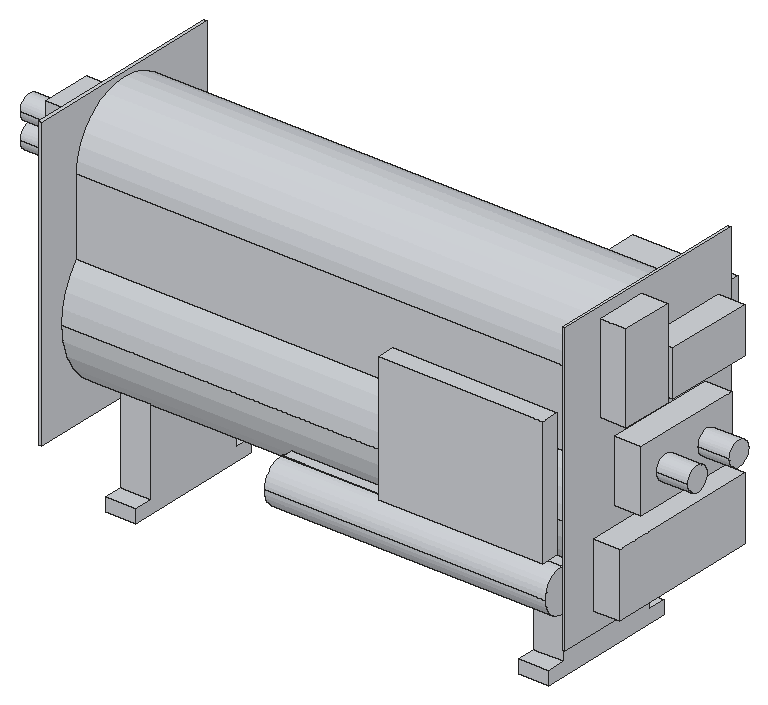
Revit family "M_Resfriador de absorção - Fase única - 1758-2813 kW", category Equipamento mecânico, Revit 2019
Family settings
  Cota do conector redondo = Usar raio
  Tipo de parte = Normal
  Número OmniClass = 23.75.10.24.21.21.11
  Título OmniClass = Absorption Water Chillers
  ID de item do Seek = Absorption Chiller - Single-Stage - 1758-2813 kW-0000-CAN-ENU
  Com base no plano de trabalho = Não
  Sempre na vertical = Sim
  Corte com vazios quando carregada = Não
  Compartilhado = Não
  Ponto de cálculo do ambiente = Não
Parameters (values of type "1758 kW")
  Voltagem = 480 V
  Número de pólos = 3
  Classificação de carga = Refrigeração
  Comprimento 3 = 4320 mm
  Comprimento 2 = 2460 mm
  Comprimento 1 = 492 mm
  Raio da água resfriada = Diâmetro da água resfriada / 2  # 100 mm
  Diâmetro da água resfriada = 200 mm
  Fluxo do evaporador [instance] = 86.2 L/s
  Queda de pressão da água da refrigeração [instance] = 79400.0 Pa
  Raio da água da refrigeração = Diâmetro da água da refrigeração / 2  # 100 mm
  Diâmetro da água da refrigeração = 200 mm
  Fluxo do condensador [instance] = 114.0 L/s
  Material do resfriador = none
  Comprimento do resfriador = 5430 mm
  Queda de pressão da água resfriada [instance] = 59500.0 Pa
  Carga aparente = 9700 VA
  Raio da fonte de energia = Diâmetro da fonte de energia / 2  # 100 mm
  Queda de pressão da fonte de energia [instance] = 79400.0 Pa
  Diâmetro da fonte de energia = 200 mm
  Fluxo da fonte de energia [instance] = 114.0 L/s
Types (5, lengths in mm): name | Comprimento 3 | Comprimento 2 | Comprimento 1 | Fluxo do evaporador | Queda de pressão da água da refrigeração | Fluxo do condensador | Comprimento do resfriador | Queda de pressão da água resfriada | Carga aparente | Queda de pressão da fonte de energia | Fluxo da fonte de energia
  (no name) | 4320 | 2460 | 492 | 86.2 L/s | 79400.0 Pa | 114.0 L/s | 5430 | 59500.0 Pa | 9700 VA | 79400.0 Pa | 114.0 L/s
  1758 kW | 4320 | 2460 | 492 | 86.2 L/s | 79400.0 Pa | 114.0 L/s | 5430 | 59500.0 Pa | 9700 VA | 79400.0 Pa | 114.0 L/s
  2813 kW | 6760 | 5134 | 530 | 130.0 L/s | 48100.0 Pa | 182.0 L/s | 7905 | 94500.0 Pa | 13000 VA | 48100.0 Pa | 182.0 L/s
  2110 kW | 5134 | 3273 | 530 | 101.0 L/s | 77100.0 Pa | 136.0 L/s | 6280 | 87500.0 Pa | 9700 VA | 77100.0 Pa | 136.0 L/s
  2461 kW | 5947 | 4245 | 530 | 111.0 L/s | 35400.0 Pa | 159.0 L/s | 7093 | 64600.0 Pa | 13000 VA | 35400.0 Pa | 159.0 L/s
Reference planes
  plane 1 "Centro (Frente/Trás)": y = 0
  plane 2: z = 0
  plane 3 "Centro (Esquerda/Direita)": x = 0
  plane 4: z = 495.3
  plane 5: z = 2919.413
  plane 6: y = -260.35
  plane 7: y = 1466.85
  plane 8: x = 346.075
  plane 9: x = 327.025
  plane 10: z = 1317.625
  plane 11: y = 1206.5
  plane 12: y = 603.25
  plane 13: x = -4591.925
  plane 14: x = 838.075
  plane 15: x = -4061.7
  plane 16: x = -4033.125
  plane 17: y = 155.575
  plane 18: z = 114.3
  plane 19: y = 1050.925
  plane 20: x = -250.825
  plane 21: x = -3706.1
  plane 22: x = -3455.275
  plane 23: y = 92.075
  plane 24: y = 1114.425
  plane 25: z = 2376.488
  plane 26: z = 674.688
  plane 27: z = 1211.263
  plane 28: z = 1622.425
  plane 29: y = 508
  plane 30: y = 939.8
  plane 31: y = 723.9
  plane 32: y = 252.412
  plane 33: y = 1195.387
  plane 34: z = 1881.188
  plane 35: z = 1363.663
  plane 36: x = 571.375
  plane 37: x = -4287.125
  plane 38: y = 312.737
  plane 39: y = 96.837
  plane 40: y = 528.637
  plane 41: z = 2832.1
  plane 42: z = 2090.738
  plane 43: y = 587.375
  plane 44: y = 1331.912
  plane 45: z = 2473.325
  plane 46: y = 25.4
  plane 47: y = 1336.675
  plane 48: z = 2235.2
  plane 49: z = 2592.387
  plane 50: y = 622.3
  plane 51: y = 812.8
  plane 52: z = 820.737
  plane 53: z = 1063.625
  plane 54: x = -4433.175
  plane 55: z = 1143
  plane 56: z = 2209.8
  plane 57: x = 222.25
  plane 58: x = -1149.35
  plane 59: y = -344.487
  plane 60: y = -190.5
  plane 61: x = -339.725
  plane 62: z = 1155.7
  plane 63: z = 2027.237
  plane 64: z = 2425.7
  plane 65: x = -631.825
  plane 66: x = 247.65
  plane 67: y = 1666.875
  plane 68: z = 2273.3
  plane 69: z = 2066.925
  plane 70: x = -3973.925
  plane 71: x = -3319.875
  plane 72: y = 1403.35
  plane 73: z = 25.4
  plane 74: z = 787.4
  plane 75: x = -2460
  plane 76: x = -1994.862
  plane 77: y = 1336.675
  plane 78: y = -60.325
  plane 79: z = 622.3
  plane 80: z = 800.1
  plane 81: x = 161.925
  plane 82: x = -2189.162
  plane 83: z = 977.9
  plane 84: x = -2176.462
  plane 85: x = 149.225
  plane 86: y = 1544.637
  plane 87: x = -522.287
  plane 88: x = -3646.9
  plane 89: z = 711.2
  plane 90: z = 838.2
  plane 91: x = -3519.9
  plane 92: x = -649.287
  plane 93: z = 2170.112
  plane 94: z = 2043.112
  plane 95: y = 1417.637
  plane 96: x = -463.55
  plane 97: z = 1295.4
Forms (mm)
  Extrusion 1, solid, material <- "Material do resfriador"
    sketch origin (0, 0, 0) x (0, 1, 0) y (0, 0, 1)
      loop
        line (-260.35, 2919.413) -> (-260.35, 495.3) -> (1466.85, 495.3) -> (1466.85, 2919.413) -> (-260.35, 2919.413)
    from 327.025 to 346.075
  Extrusion 2, solid, material <- "Material do resfriador"
    sketch origin (0, 0, 0) x (0, 1, 0) y (0, 0, 1)
      loop
        circle (603.25, 1317.625) r 662.781
    from -4033.125 to 327.025
  Extrusion 3, solid, material <- "Material do resfriador"
    sketch origin (0, 0, 0) x (0, 1, 0) y (0, 0, 1)
      loop
        line (-260.35, 2919.413) -> (-260.35, 495.3) -> (1466.85, 495.3) -> (1466.85, 2919.413) -> (-260.35, 2919.413)
    from -4061.7 to -4033.125
  Extrusion 4, solid, material <- "Material do resfriador"
    sketch origin (0, 0, 0) x (0, 1, 0) y (0, 0, 1)
      loop
        line (0, 114.3) -> (0, 0) -> (1206.5, 0) -> (1206.5, 114.3) -> (1050.925, 114.3) -> (1050.925, 1317.625) -> (155.575, 1317.625) -> (155.575, 114.3) -> (0, 114.3)
    from -250.825 to 0
  Extrusion 5, solid, material <- "Material do resfriador"
    sketch origin (0, 0, 0) x (0, 1, 0) y (0, 0, 1)
      loop
        line (0, 114.3) -> (0, 0) -> (1206.5, 0) -> (1206.5, 114.3) -> (1050.925, 114.3) -> (1050.925, 1317.625) -> (155.575, 1317.625) -> (155.575, 114.3) -> (0, 114.3)
    from -3706.1 to -3455.275
  Extrusion 6, solid, material <- "Material do resfriador"
    sketch origin (0, 0, 0) x (0, 1, 0) y (0, 0, 1)
      loop
        arc (1114.425, 2376.488) -> (603.25, 2887.663) -> (92.075, 2376.488) r 511.175
        line (92.075, 2376.488) -> (92.075, 1317.625) -> (1114.425, 1317.625) -> (1114.425, 2376.488)
    from -4033.125 to 327.025
  Extrusion 7, solid, material <- "Material do resfriador"
    sketch origin (0, 0, 0) x (0, 1, 0) y (0, 0, 1)
      loop
        line (252.412, 1881.188) -> (252.412, 1363.663) -> (1195.387, 1363.663) -> (1195.387, 1881.188) -> (252.412, 1881.188)
    from 346.075 to 571.375
  Extrusion 8, solid, material <- "Material do resfriador"
    sketch origin (0, 0, 0) x (0, 1, 0) y (0, 0, 1)
      loop
        line (252.412, 1881.188) -> (252.412, 1363.663) -> (1195.387, 1363.663) -> (1195.387, 1881.188) -> (252.412, 1881.188)
    from -4287.125 to -4061.7
  Extrusion 9, solid, material <- "Material do resfriador"
    sketch origin (0, 0, 0) x (0, 1, 0) y (0, 0, 1)
      loop
        circle (508, 1622.425) r 100
      loop
        circle (939.8, 1622.425) r 100
    from 571.375 to 838.075
  Extrusion 10, solid, material <- "Material do resfriador"
    sketch origin (0, 0, 0) x (0, 1, 0) y (0, 0, 1)
      loop
        line (96.837, 2832.1) -> (96.837, 2090.738) -> (528.637, 2090.738) -> (528.637, 2832.1) -> (96.837, 2832.1)
    from 346.075 to 571.375
  Extrusion 11, solid, material <- "Material do resfriador"
    sketch origin (0, 0, 0) x (0, 1, 0) y (0, 0, 1)
      loop
        line (96.837, 2832.1) -> (96.837, 2090.738) -> (528.637, 2090.738) -> (528.637, 2832.1) -> (96.837, 2832.1)
    from -4287.125 to -4061.7
  Extrusion 12, solid, material <- "Material do resfriador"
    sketch origin (0, 0, 0) x (0, 1, 0) y (0, 0, 1)
      loop
        line (587.375, 2473.325) -> (587.375, 2090.738) -> (1331.912, 2090.738) -> (1331.912, 2473.325) -> (587.375, 2473.325)
    from 346.075 to 571.375
  Extrusion 13, solid, material <- "Material do resfriador"
    sketch origin (0, 0, 0) x (0, 1, 0) y (0, 0, 1)
      loop
        line (587.375, 2473.325) -> (587.375, 2090.738) -> (1331.912, 2090.738) -> (1331.912, 2473.325) -> (587.375, 2473.325)
    from -4061.7 to -4287.125
  Extrusion 14, solid, material <- "Material do resfriador"
    sketch origin (0, 0, 0) x (0, 1, 0) y (0, 0, 1)
      loop
        line (25.4, 1211.263) -> (25.4, 674.688) -> (1336.675, 674.688) -> (1336.675, 1211.263) -> (25.4, 1211.263)
    from 346.075 to 571.375
  Extrusion 15, solid, material <- "Material do resfriador"
    sketch origin (0, 0, 0) x (0, 1, 0) y (0, 0, 1)
      loop
        line (25.4, 1211.263) -> (25.4, 674.688) -> (1336.675, 674.688) -> (1336.675, 1211.263) -> (25.4, 1211.263)
    from -4287.125 to -4061.7
  Extrusion 16, solid, material <- "Material do resfriador"
    sketch origin (0, 0, 0) x (0, 1, 0) y (0, 0, 1)
      loop
        circle (312.737, 2592.387) r 100
      loop
        circle (312.737, 2376.488) r 100
    from -4287.125 to -4591.925
  Extrusion 17, solid, material <- "Material do resfriador"
    sketch origin (0, 0, 0) x (0, 1, 0) y (0, 0, 1)
      loop
        circle (622.3, 1063.625) r 100
    from -4591.925 to -4287.125
  Extrusion 18, solid, material <- "Material do resfriador"
    sketch origin (0, 0, 0) x (0, 1, 0) y (0, 0, 1)
      loop
        circle (812.8, 820.737) r 100
    from -4433.175 to -4287.125
  Extrusion 19, solid, material <- "Material do resfriador"
    sketch origin (0, 0, 0) x (1, 0, 0) y (0, 0, 1)
      loop
        line (-1149.35, 2209.8) -> (-1149.35, 1143) -> (222.25, 1143) -> (222.25, 2209.8) -> (-1149.35, 2209.8)
    from 190.5 to 344.487
  Extrusion 20, solid, material <- "Material do resfriador"
    sketch origin (0, 0, 0) x (1, 0, 0) y (0, 1, 0)
      loop
        line (-1149.35, 603.25) -> (-1149.35, -190.5) -> (-339.725, -190.5) -> (-339.725, 603.25) -> (-1149.35, 603.25)
    from 1143 to 1155.7
  Extrusion 21, solid, material <- "Material do resfriador"
    sketch origin (0, 0, 0) x (1, 0, 0) y (0, 0, 1)
      loop
        line (247.65, 2425.7) -> (-631.825, 2425.7) -> (-631.825, 2027.237) -> (247.65, 2027.237) -> (247.65, 2425.7)
    from -603.25 to -1666.875
  Extrusion 22, solid, material <- "Material do resfriador"
    sketch origin (0, 0, 0) x (1, 0, 0) y (0, 0, 1)
      loop
        line (-3319.875, 2273.3) -> (-3973.925, 2273.3) -> (-3973.925, 2066.925) -> (-3319.875, 2066.925) -> (-3319.875, 2273.3)
    from -1403.35 to -603.25
  Extrusion 23, solid, material <- "Material do resfriador"
    sketch origin (0, 0, 0) x (1, 0, 0) y (0, 0, 1)
      loop
        line (-2460, 787.4) -> (-2460, 25.4) -> (-1994.862, 25.4) -> (-1994.862, 787.4) -> (-2460, 787.4)
    from -1666.875 to -1336.675
  Extrusion 24, solid, material <- "Material do resfriador"
    sketch origin (0, 0, 0) x (0, 1, 0) y (0, 0, 1)
      loop
        circle (-60.325, 800.1) r 177.8
    from -2189.162 to 161.925
  Extrusion 25, solid, material <- "Material do resfriador"
    sketch origin (0, 0, 0) x (0, 1, 0) y (0, 0, 1)
      loop
        line (603.25, 977.9) -> (-60.325, 977.9) -> (-60.325, 800.1) -> (603.25, 800.1) -> (603.25, 977.9)
    from 149.225 to -2176.462
  Sweep 26, solid, material <- "Material do resfriador"
    path in 3D
      loop
        line (-3646.9, 1403.35, 2170.112) -> (-3646.9, 1417.637, 2170.112)
        arc (-3646.9, 1417.637, 2170.112) -> (-3646.9, 1507.44, 2132.915) -> (-3646.9, 1544.637, 2043.112) r 127
        line (-3646.9, 1544.637, 2043.112) -> (-3646.9, 1544.637, 838.2)
        arc (-3646.9, 1544.637, 838.2) -> (-3609.703, 1544.637, 748.397) -> (-3519.9, 1544.637, 711.2) r 127
        line (-3519.9, 1544.637, 711.2) -> (-649.287, 1544.637, 711.2)
        arc (-649.287, 1544.637, 711.2) -> (-559.485, 1544.637, 748.397) -> (-522.287, 1544.637, 838.2) r 127
        line (-522.287, 1544.637, 838.2) -> (-522.287, 1544.637, 2027.237)
    profile origin (-3646.9, 1410.494, 2170.112) x (0, 0, -1) y (-1, 0, 0)
      loop
        circle (0, 0) r 50.8
  Extrusion 27, solid, material <- "Material do resfriador"
    sketch origin (0, 0, 0) x (1, 0, 0) y (0, 0, 1)
      loop
        circle (-463.55, 1295.4) r 25.4
    from 190.5 to 344.487
Cuts and joins
  joined: Extrusion 1, Extrusion 2, Extrusion 3, Extrusion 4, Extrusion 5, Extrusion 6, Extrusion 7, Extrusion 8, Extrusion 9, Extrusion 10, Extrusion 11, Extrusion 12, Extrusion 13, Extrusion 14, Extrusion 15, Extrusion 16, Extrusion 17, Extrusion 18, Extrusion 19, Extrusion 20, Extrusion 21, Extrusion 22, Extrusion 23, Extrusion 24, Extrusion 25, Sweep 26, Extrusion 27
Lines and regions (mm)
  reference lines
    curve 1: line (-649.287, 1544.637, 711.2) -> (-3519.9, 1544.637, 711.2)
    curve 2: line (-522.287, 1544.637, 838.2) -> (-522.287, 1544.637, 2027.237)
    curve 3: arc (-522.287, 1544.637, 838.2) -> (-559.485, 1544.637, 748.397) -> (-649.287, 1544.637, 711.2) r 127
    curve 4: arc (-3646.9, 1544.637, 838.2) -> (-3609.703, 1544.637, 748.397) -> (-3519.9, 1544.637, 711.2) r 127
    curve 5: line (-3646.9, 1544.637, 2043.112) -> (-3646.9, 1544.637, 838.2)
    curve 6: line (-3646.9, 1403.35, 2170.112) -> (-3646.9, 1417.637, 2170.112)
    curve 7: arc (-3646.9, 1417.637, 2170.112) -> (-3646.9, 1507.44, 2132.915) -> (-3646.9, 1544.637, 2043.112) r 127
  sketch lines
    curve 8: line (-3646.9, 1403.35, 2170.112) -> (-3646.9, 1417.637, 2170.112)
    curve 9: arc (-3646.9, 1417.637, 2170.112) -> (-3646.9, 1507.44, 2132.915) -> (-3646.9, 1544.637, 2043.112) r 127
    curve 10: line (-3646.9, 1544.637, 2043.112) -> (-3646.9, 1544.637, 838.2)
    curve 11: arc (-3646.9, 1544.637, 838.2) -> (-3609.703, 1544.637, 748.397) -> (-3519.9, 1544.637, 711.2) r 127
    curve 12: line (-649.287, 1544.637, 711.2) -> (-3519.9, 1544.637, 711.2)
    curve 13: arc (-522.287, 1544.637, 838.2) -> (-559.485, 1544.637, 748.397) -> (-649.287, 1544.637, 711.2) r 127
    curve 14: line (-522.287, 1544.637, 838.2) -> (-522.287, 1544.637, 2027.237)
Dimensions and locks
  locked: plane 4 to plane 2 at 495.3
  locked: plane 5 to plane 2 at 2919.413
  locked: plane 6 to plane 1 "Centro (Frente/Trás)" at 260.35
  locked: plane 1 "Centro (Frente/Trás)" to plane 7 at 1466.85
  locked: plane 3 "Centro (Esquerda/Direita)" to plane 8 at 346.075
  locked: plane 9 to plane 8 at 19.05
  locked: plane 10 to plane 2 at 1317.625
  locked: plane 1 "Centro (Frente/Trás)" to plane 11 at 1206.5
  equal spacing: plane 1 "Centro (Frente/Trás)", plane 12, plane 11
  "Comprimento 1": plane 14 to plane 8
  "Comprimento do resfriador": plane 14 to plane 13
  locked: plane 15 to plane 13 at 530.225
  locked: plane 16 to plane 15 at 28.575
  locked: plane 1 "Centro (Frente/Trás)" to plane 17 at 155.575
  locked: plane 18 to plane 2 at 114.3
  locked: plane 19 to plane 11 at 155.575
  locked: plane 3 "Centro (Esquerda/Direita)" to plane 20 at 250.825
  locked: plane 21 to plane 15 at 355.6
  locked: plane 22 to plane 21 at 250.825
  equal spacing: plane 23, plane 12, plane 24
  locked: plane 23 to plane 24 at 1022.35
  locked: plane 25 to plane 10 at 1058.862
  locked: plane 26 to plane 4 at 179.388
  locked: plane 27 to plane 26 at 536.575
  locked: plane 28 to plane 26 at 947.738
  locked: plane 1 "Centro (Frente/Trás)" to plane 29 at 508
  locked: plane 29 to plane 30 at 431.8
  equal spacing: plane 29, plane 31, plane 30
  equal spacing: plane 32, plane 31, plane 33
  locked: plane 32 to plane 33 at 942.975
  equal spacing: plane 34, plane 28, plane 35
  locked: plane 34 to plane 35 at 517.525
  locked: plane 14 to plane 36 at 266.7
  locked: plane 37 to plane 13 at 304.8
  locked: plane 5 to plane 41 at 87.313
  locked: plane 41 to plane 42 at 741.362
  locked: plane 40 to plane 43 at 58.738
  locked: plane 43 to plane 44 at 744.537
  locked: plane 1 "Centro (Frente/Trás)" to plane 38 at 312.738
  locked: plane 39 to plane 38 at 215.9
  locked: plane 38 to plane 40 at 215.9
  locked: plane 45 to plane 42 at 382.588
  locked: plane 1 "Centro (Frente/Trás)" to plane 46 at 25.4
  locked: plane 46 to plane 47 at 1311.275
  locked: plane 48 to plane 2 at 2235.2
  locked: plane 49 to plane 48 at 357.188
  locked: plane 1 "Centro (Frente/Trás)" to plane 50 at 622.3
  locked: plane 50 to plane 51 at 190.5
  locked: plane 52 to plane 2 at 820.737
  locked: plane 53 to plane 52 at 242.888
  locked: plane 54 to plane 13 at 158.75
  locked: plane 55 to plane 2 at 1143
  locked: plane 56 to plane 55 at 1066.8
  locked: plane 57 to plane 3 "Centro (Esquerda/Direita)" at 222.25
  locked: plane 57 to plane 58 at 1371.6
  locked: plane 59 to plane 1 "Centro (Frente/Trás)" at 344.488
  locked: plane 59 to plane 60 at 153.988
  locked: plane 58 to plane 61 at 809.625
  locked: plane 62 to plane 55 at 12.7
  locked: plane 2 to plane 63 at 2027.237
  locked: plane 63 to plane 64 at 398.463
  locked: plane 65 to plane 8 at 977.9
  locked: plane 65 to plane 66 at 879.475
  locked: plane 12 to plane 67 at 1063.625
  locked: plane 2 to plane 69 at 2066.925
  locked: plane 69 to plane 68 at 206.375
  "Comprimento 3": plane 8 to plane 70
  locked: plane 70 to plane 71 at 654.05
  locked: plane 1 "Centro (Frente/Trás)" to plane 72 at 1403.35
  locked: plane 73 to plane 2 at 25.4
  locked: plane 74 to plane 73 at 762
  "Comprimento 2": plane 3 "Centro (Esquerda/Direita)" to plane 75
  locked: plane 76 to plane 75 at 465.138
  locked: plane 77 to plane 67 at 330.2
  locked: plane 12 to plane 78 at 663.575
  locked: plane 79 to plane 2 at 622.3
  locked: plane 80 to plane 79 at 177.8
  locked: plane 3 "Centro (Esquerda/Direita)" to plane 81 at 161.925
  locked: plane 82 to plane 81 at 2351.088
  locked: plane 83 to plane 80 at 177.8
  locked: plane 82 to plane 84 at 12.7
  locked: plane 85 to plane 81 at 12.7
  locked: plane 86 to plane 12 at 941.388
  locked: plane 87 to plane 3 "Centro (Esquerda/Direita)" at 522.288
  equal spacing: plane 70, plane 88, plane 71
  locked: plane 2 to plane 89 at 711.2
  locked: plane 89 to plane 90 at 127
  locked: plane 88 to plane 91 at 127
  locked: plane 92 to plane 87 at 127
  equal spacing: plane 69, plane 93, plane 68
  locked: plane 94 to plane 93 at 127
  locked: plane 86 to plane 95 at 127
  equal spacing: plane 57, plane 96, plane 58
  locked: plane 97 to plane 55 at 152.4
  radius of Extrusion 2 sketch curve = 662.781 mm
  "Raio da água resfriada": radius of Extrusion 9 sketch curve  (x2)
  "Raio da água da refrigeração": radius of Extrusion 16 sketch curve  (x2)
  "Raio da fonte de energia": radius of Extrusion 17 sketch curve
  "Raio da fonte de energia": radius of Extrusion 18 sketch curve
  radius of Extrusion 24 sketch curve = 177.8 mm
  radius of curve 3 = 127 mm
  radius of curve 4 = 127 mm
  radius of curve 7 = 127 mm
  radius of Sweep 26 sketch curve = 50.8 mm
  radius of Extrusion 27 sketch curve = 25.4 mm
  aligned and locked: plane 6 to Extrusion 1 sketch curve
  aligned and locked: Extrusion 1 sketch curve to plane 5
  aligned and locked: plane 4 to Extrusion 1 sketch curve
  aligned and locked: Extrusion 1 sketch curve to plane 7
  aligned and locked: plane 8 to Extrusion 1
  aligned and locked: Extrusion 1 to plane 9
  aligned and locked: plane 10 to Extrusion 2 sketch curve
  aligned and locked: plane 12 to Extrusion 2 sketch curve
  aligned and locked: Extrusion 2 to plane 16
  aligned and locked: plane 9 to Extrusion 2
  aligned and locked: Extrusion 3 sketch curve to plane 5
  aligned and locked: plane 6 to Extrusion 3 sketch curve
  aligned and locked: plane 4 to Extrusion 3 sketch curve
  aligned and locked: Extrusion 3 sketch curve to plane 7
  aligned and locked: Extrusion 3 to plane 15
  aligned and locked: plane 16 to Extrusion 3
  aligned and locked: plane 18 to Extrusion 4 sketch curve  (x4)
  aligned and locked: plane 1 "Centro (Frente/Trás)" to Extrusion 4 sketch curve  (x2)
  aligned and locked: Extrusion 4 sketch curve to plane 17
  aligned and locked: Extrusion 4 sketch curve to plane 10
  aligned and locked: plane 10 to Extrusion 4 sketch curve
  aligned and locked: Extrusion 4 sketch curve to plane 19
  aligned and locked: plane 19 to Extrusion 4 sketch curve
  aligned and locked: plane 2 to Extrusion 4 sketch curve
  aligned and locked: plane 11 to Extrusion 4 sketch curve
  aligned and locked: Extrusion 4 sketch curve to plane 2
  aligned and locked: Extrusion 4 to plane 20
  aligned and locked: plane 3 "Centro (Esquerda/Direita)" to Extrusion 4
  aligned and locked: plane 1 "Centro (Frente/Trás)" to Extrusion 5 sketch curve  (x2)
  aligned and locked: plane 17 to Extrusion 5 sketch curve  (x2)
  aligned and locked: Extrusion 5 sketch curve to plane 18  (x2)
  aligned and locked: plane 18 to Extrusion 5 sketch curve  (x2)
  aligned and locked: Extrusion 5 sketch curve to plane 10
  aligned and locked: plane 10 to Extrusion 5 sketch curve
  aligned and locked: Extrusion 5 sketch curve to plane 19
  aligned and locked: plane 19 to Extrusion 5 sketch curve
  aligned and locked: plane 2 to Extrusion 5 sketch curve
  aligned and locked: Extrusion 5 sketch curve to plane 11
  aligned and locked: plane 11 to Extrusion 5 sketch curve
  aligned and locked: Extrusion 5 sketch curve to plane 2
  aligned and locked: Extrusion 5 to plane 21
  aligned and locked: plane 22 to Extrusion 5
  aligned and locked: plane 23 to Extrusion 6 sketch curve  (x2)
  aligned and locked: plane 25 to Extrusion 6 sketch curve  (x3)
  aligned and locked: plane 10 to Extrusion 6 sketch curve
  aligned and locked: Extrusion 6 sketch curve to plane 24
  aligned and locked: plane 24 to Extrusion 6 sketch curve
  aligned and locked: Extrusion 6 sketch curve to plane 10
  aligned and locked: plane 9 to Extrusion 6
  aligned and locked: Extrusion 6 to plane 16
  aligned and locked: Extrusion 7 sketch curve to plane 34
  aligned and locked: plane 32 to Extrusion 7 sketch curve
  aligned and locked: plane 35 to Extrusion 7 sketch curve
  aligned and locked: Extrusion 7 sketch curve to plane 33
  aligned and locked: plane 36 to Extrusion 7
  aligned and locked: Extrusion 7 to plane 8
  aligned and locked: Extrusion 8 sketch curve to plane 34
  aligned and locked: plane 32 to Extrusion 8 sketch curve
  aligned and locked: plane 35 to Extrusion 8 sketch curve
  aligned and locked: Extrusion 8 sketch curve to plane 33
  aligned and locked: Extrusion 8 to plane 37
  aligned and locked: plane 15 to Extrusion 8
  aligned and locked: plane 28 to Extrusion 9 sketch curve  (x2)
  aligned and locked: plane 29 to Extrusion 9 sketch curve
  aligned and locked: plane 30 to Extrusion 9 sketch curve
  aligned and locked: plane 14 to Extrusion 9
  aligned and locked: Extrusion 9 to plane 36
  aligned and locked: plane 41 to Extrusion 10
  aligned and locked: Extrusion 10 to plane 39
  aligned and locked: plane 40 to Extrusion 10
  aligned and locked: Extrusion 10 to plane 42
  aligned and locked: plane 36 to Extrusion 10
  aligned and locked: Extrusion 10 to plane 8
  aligned and locked: Extrusion 11 sketch curve to plane 41
  aligned and locked: plane 39 to Extrusion 11 sketch curve
  aligned and locked: Extrusion 11 sketch curve to plane 40
  aligned and locked: plane 42 to Extrusion 11 sketch curve
  aligned and locked: Extrusion 11 to plane 37
  aligned and locked: plane 15 to Extrusion 11
  aligned and locked: Extrusion 12 sketch curve to plane 45
  aligned and locked: plane 43 to Extrusion 12 sketch curve
  aligned and locked: plane 42 to Extrusion 12 sketch curve
  aligned and locked: Extrusion 12 sketch curve to plane 44
  aligned and locked: plane 36 to Extrusion 12
  aligned and locked: Extrusion 12 to plane 8
  aligned and locked: Extrusion 13 sketch curve to plane 45
  aligned and locked: plane 43 to Extrusion 13 sketch curve
  aligned and locked: plane 42 to Extrusion 13 sketch curve
  aligned and locked: Extrusion 13 sketch curve to plane 44
  aligned and locked: Extrusion 13 to plane 37
  aligned and locked: plane 15 to Extrusion 13
  aligned and locked: Extrusion 14 sketch curve to plane 27
  aligned and locked: plane 46 to Extrusion 14 sketch curve
  aligned and locked: Extrusion 14 sketch curve to plane 47
  aligned and locked: plane 26 to Extrusion 14 sketch curve
  aligned and locked: plane 36 to Extrusion 14
  aligned and locked: Extrusion 14 to plane 8
  aligned and locked: Extrusion 15 sketch curve to plane 27
  aligned and locked: plane 46 to Extrusion 15 sketch curve
  aligned and locked: plane 26 to Extrusion 15 sketch curve
  aligned and locked: Extrusion 15 sketch curve to plane 47
  aligned and locked: Extrusion 15 to plane 37
  aligned and locked: plane 15 to Extrusion 15
  aligned and locked: plane 49 to Extrusion 16 sketch curve
  aligned and locked: plane 38 to Extrusion 16 sketch curve  (x2)
  aligned and locked: plane 25 to Extrusion 16 sketch curve
  aligned and locked: Extrusion 16 to plane 13
  aligned and locked: plane 37 to Extrusion 16
  aligned and locked: plane 53 to Extrusion 17 sketch curve
  aligned and locked: plane 50 to Extrusion 17 sketch curve
  aligned and locked: plane 51 to Extrusion 18 sketch curve
  aligned and locked: plane 52 to Extrusion 18 sketch curve
  aligned and locked: Extrusion 17 to plane 13
  aligned and locked: plane 37 to Extrusion 17
  aligned and locked: Extrusion 18 to plane 54
  aligned and locked: plane 37 to Extrusion 18
  aligned and locked: plane 58 to Extrusion 19 sketch curve
  aligned and locked: Extrusion 19 sketch curve to plane 56
  aligned and locked: plane 55 to Extrusion 19 sketch curve
  aligned and locked: Extrusion 19 sketch curve to plane 57
  aligned and locked: Extrusion 19 to plane 59
  aligned and locked: plane 60 to Extrusion 19
  aligned and locked: plane 58 to Extrusion 20 sketch curve
  aligned and locked: Extrusion 20 sketch curve to plane 61
  aligned and locked: plane 60 to Extrusion 20 sketch curve
  aligned and locked: plane 66 to Extrusion 21 sketch curve
  aligned and locked: plane 64 to Extrusion 21 sketch curve
  aligned and locked: plane 63 to Extrusion 21 sketch curve
  aligned and locked: plane 65 to Extrusion 21 sketch curve
  aligned and locked: plane 12 to Extrusion 20
  aligned and locked: Extrusion 20 to plane 58
  aligned and locked: plane 61 to Extrusion 20
  aligned and locked: Extrusion 20 to plane 60
  aligned and locked: Extrusion 20 to plane 55
  aligned and locked: plane 62 to Extrusion 20
  aligned and locked: plane 12 to Extrusion 21
  aligned and locked: plane 67 to Extrusion 21
  aligned and locked: plane 71 to Extrusion 22 sketch curve
  aligned and locked: plane 68 to Extrusion 22 sketch curve
  aligned and locked: plane 69 to Extrusion 22 sketch curve
  aligned and locked: plane 70 to Extrusion 22 sketch curve
  aligned and locked: Extrusion 22 to plane 12
  aligned and locked: plane 72 to Extrusion 22
  aligned and locked: plane 75 to Extrusion 23 sketch curve
  aligned and locked: Extrusion 23 sketch curve to plane 74
  aligned and locked: plane 73 to Extrusion 23 sketch curve
  aligned and locked: Extrusion 23 sketch curve to plane 76
  aligned and locked: Extrusion 23 to plane 77
  aligned and locked: plane 67 to Extrusion 23
  aligned and locked: plane 78 to Extrusion 24 sketch curve
  aligned and locked: plane 80 to Extrusion 24 sketch curve
  aligned and locked: plane 81 to Extrusion 24
  aligned and locked: Extrusion 24 to plane 82
  aligned and locked: Extrusion 25 sketch curve to plane 83
  aligned and locked: Extrusion 25 sketch curve to plane 12
  aligned and locked: plane 80 to Extrusion 25 sketch curve
  aligned and locked: Extrusion 25 sketch curve to plane 78
  aligned and locked: plane 85 to Extrusion 25
  aligned and locked: Extrusion 25 to plane 84
  aligned and locked: plane 63 to curve 2
  aligned and locked: plane 90 to curve 2
  aligned and locked: plane 87 to curve 2
  aligned and locked: plane 92 to curve 1
  aligned and locked: plane 91 to curve 1
  aligned and locked: curve 1 to plane 89
  aligned and locked: plane 90 to curve 4
  aligned and locked: plane 94 to curve 5
  aligned and locked: curve 5 to plane 90
  aligned and locked: curve 5 to plane 88
  aligned and locked: plane 72 to curve 6
  aligned and locked: plane 95 to curve 6
  aligned and locked: plane 93 to curve 6
  aligned and locked: plane 94 to curve 7
  aligned and locked: plane 95 to curve 7
  aligned and locked: plane 93 to Sweep 26 sketch curve
  aligned and locked: plane 88 to Sweep 26 sketch curve
  aligned and locked: Extrusion 27 to plane 59
  aligned and locked: plane 60 to Extrusion 27
  aligned and locked: plane 97 to Extrusion 27 sketch curve
  aligned and locked: plane 96 to Extrusion 27 sketch curve
Automatic sketch dimensions
  plane 29 to Extrusion 10 sketch curve = 20.637 mm
  Extrusion 10 sketch curve to plane 32 = 155.575 mm
  Extrusion 10 sketch curve to plane 25 = 285.75 mm
  Extrusion 10 sketch curve to Extrusion 10 sketch curve = 741.363 mm
  Extrusion 20 sketch curve to plane 50 = 19.05 mm
Connectors
  piping at (838.075, 508, 1622.425), diameter 200, driven by "Fluxo do evaporador", driven by "Raio da água resfriada", driven by "Queda de pressão da água resfriada"
    settings: on cut or joined group 1 (Extrusion 1, Extrusion 2, Extrusion 3, Extrusion 4, Extrusion 5, Extrusion 6, Extrusion 7, Extrusion 8, Extrusion 9, Extrusion 10, Extrusion 11, Extrusion 12, Extrusion 13, Extrusion 14, Extrusion 15, Extrusion 16, Extrusion 17, Extrusion 18, Extrusion 19, Extrusion 20, Extrusion 21, Extrusion 22, Extrusion 23, Extrusion 24, Extrusion 25, Sweep 26, Extrusion 27), index 1, connector inside diameter 200 mm, connector length 0 mm, flow factor 0, pipe flow 86.2 L/s, pressure drop 59500.0 Pa, fitting loss kfactor 0, connector angle 0.00°, fixture units 0, engagement length 0 mm, angle of deflection 0.00°, flow configuration 0, flow direction 2, fitting loss method 4, system type 7, joint type 0, gender type 0, connector reference index 2, connector utility 0, adjustable connector no, is connector primary yes, connector description "Saída de água resfriada"
  piping at (838.075, 939.8, 1622.425), diameter 200, driven by "Fluxo do evaporador", driven by "Raio da água resfriada"
    settings: on cut or joined group 1, index 2, connector inside diameter 200 mm, connector length 0 mm, flow factor 0, pipe flow 86.2 L/s, pressure drop 0.0 Pa, fitting loss kfactor 0, connector angle 0.00°, fixture units 0, engagement length 0 mm, angle of deflection 0.00°, flow configuration 0, flow direction 1, fitting loss method 4, system type 8, joint type 0, gender type 0, connector reference index 1, connector utility 0, adjustable connector no, is connector primary no, connector description "Entrada de água resfriada"
  piping at (-4591.925, 312.737, 2592.387), diameter 200, driven by "Fluxo do condensador", driven by "Raio da água da refrigeração", driven by "Queda de pressão da água da refrigeração"
    settings: on cut or joined group 1, index 3, connector inside diameter 200 mm, connector length 0 mm, flow factor 0, pipe flow 114.0 L/s, pressure drop 79400.0 Pa, fitting loss kfactor 0, connector angle 0.00°, fixture units 0, engagement length 0 mm, angle of deflection 0.00°, flow configuration 1, flow direction 2, fitting loss method 4, system type 8, joint type 0, gender type 0, connector reference index 4, connector utility 0, adjustable connector no, is connector primary no, connector description "Saída da água da refrigeração"
  piping at (-4591.925, 312.737, 2376.488), diameter 200, driven by "Fluxo do condensador", driven by "Raio da água da refrigeração"
    settings: on cut or joined group 1, index 4, connector inside diameter 200 mm, connector length 0 mm, flow factor 0, pipe flow 114.0 L/s, pressure drop 0.0 Pa, fitting loss kfactor 0, connector angle 0.00°, fixture units 0, engagement length 0 mm, angle of deflection 0.00°, flow configuration 1, flow direction 1, fitting loss method 4, system type 7, joint type 0, gender type 0, connector reference index 3, connector utility 0, adjustable connector no, is connector primary no, connector description "Entrada da água da refrigeração"
  piping at (-4591.925, 622.3, 1063.625), diameter 200, driven by "Fluxo da fonte de energia", driven by "Raio da fonte de energia", driven by "Queda de pressão da fonte de energia"
    settings: on cut or joined group 1, index 5, connector inside diameter 200 mm, connector length 0 mm, flow factor 0, pipe flow 114.0 L/s, pressure drop 79400.0 Pa, fitting loss kfactor 0, connector angle 0.00°, fixture units 0, engagement length 0 mm, angle of deflection 0.00°, flow configuration 1, flow direction 2, fitting loss method 4, system type 8, joint type 0, gender type 0, connector reference index 6, connector utility 0, adjustable connector no, is connector primary no, connector description "Saída de água quente"
  piping at (-4433.175, 812.8, 820.737), diameter 200, driven by "Fluxo da fonte de energia", driven by "Raio da fonte de energia"
    settings: on cut or joined group 1, index 6, connector inside diameter 200 mm, connector length 0 mm, flow factor 0, pipe flow 114.0 L/s, pressure drop 0.0 Pa, fitting loss kfactor 0, connector angle 0.00°, fixture units 0, engagement length 0 mm, angle of deflection 0.00°, flow configuration 1, flow direction 1, fitting loss method 4, system type 7, joint type 0, gender type 0, connector reference index 5, connector utility 0, adjustable connector no, is connector primary no, connector description "Entrada de água quente"
  electrical at (-463.55, -190.5, 1295.4), driven by "Carga aparente", driven by "Voltagem", driven by "Número de pólos", driven by "Classificação de carga"
    settings: on Extrusion 27, index 7, voltage 480 V, apparent load 9700 VA, apparent load phase1 0 VA, apparent load phase2 0 VA, apparent load phase3 0 VA, power factor 0.8, load classification "Refrigeração", number of poles 3, system type 30, power factor state 1, is connector primary yes, connector utility no, sub classification motor no, connector description ""
